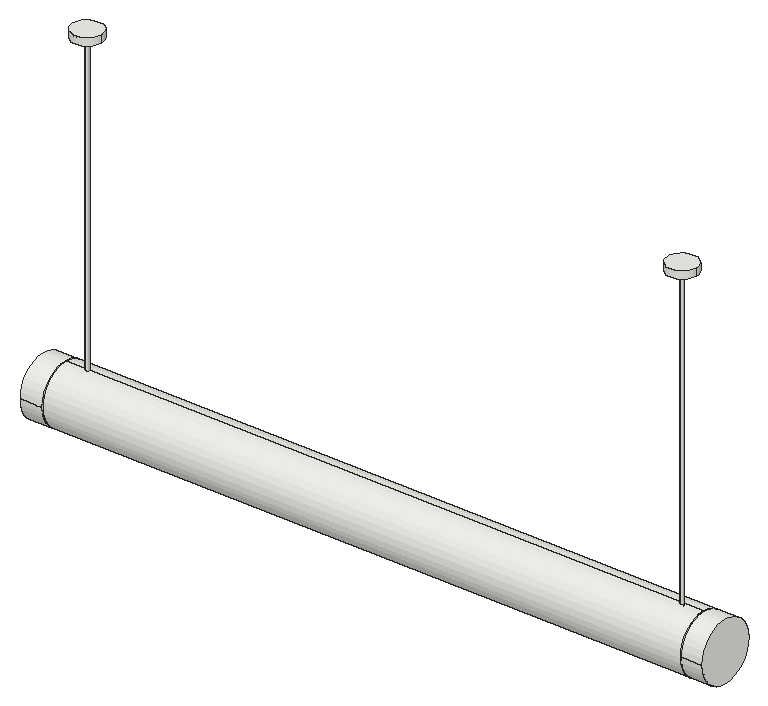
Revit family
Parameters (values of type "1200mm")
  Wattage = 16.1571 W
  built-in parameter 1150110 = 1 (stored number, unit not read)
  built-in parameter 1114217 = 1 (stored number, unit not read)
  built-in parameter 1150109 = 1 (stored number, unit not read)
  built-in parameter 1150134 = 3
  built-in parameter 1150113 = 1 (stored number, unit not read)
  built-in parameter 1150105 = 190.99 (stored number, unit not read)
  built-in parameter 1150115 = 1 (stored number, unit not read)
  Light Source Symbol Size = 609.6 mm
  built-in parameter 1150137 = (empty or 0)
  built-in parameter 1150139 = (empty or 0)
  built-in parameter 1150112 = 1 (stored number, unit not read)
  built-in parameter 1150114 = 1 (stored number, unit not read)
  Keynote = "V"
  Material Ceiling Mount = Metal - Paint Finish - Ivory, Glossy
  Material Diffuser = Glass - White, High Luminance
  Length = 1200 mm
  Material Light Casing = Metal - Paint Finish - Ivory, Glossy
  Light Fixture Height = 1800 mm
  Lumens = 2400 lm
  built-in parameter 1150132 = 2
  built-in parameter 1150102 = (empty or 0)
  built-in parameter 1150107 = 3200 (stored number, unit not read)
  built-in parameter 1150138 = (empty or 0)
  built-in parameter 1150106 = 1.9099 (stored number, unit not read)
  Emit from Line Length = 1047.6 mm
  built-in parameter 1150104 = 13.8 (stored number, unit not read)
  Dimming Lamp Color Temperature Shift = (empty or 0)
  Color Filter = 16777215
  built-in parameter 1114218 = 1 (stored number, unit not read)
  built-in parameter 1150133 = 10 (stored number, unit not read)
Types (3, lengths in mm): name | Length
  (no name) | 1200
  1200mm | 1200
  2400mm | 2400
Reference planes
  plane 1 "Light Source Axis": y = 0
  plane 2 "Ceiling": z = 2425.7
  plane 3 "Light Source Axis": x = 0
  plane 4 "Light Source Elevation": z = 1825.4
  plane 5: x = -600
  plane 6: x = 600
  plane 7: x = -523.8
  plane 8: x = 523.8
  plane 9: x = -523.888
  plane 10: x = 523.8
  plane 11: z = 2438.4
  plane 12: z = 1800
  plane 13: z = 1901.6
  plane 14: z = 1850.8
  plane 15: x = -561.9
  plane 16: x = 562.108
  plane 17: z = 1812.7
Forms (mm)
  Extrusion 1, solid, material "Metal - Paint Finish - Ivory, Glossy" <- "Material Ceiling Mount"
    sketch origin (0, 0, 1825.4) x (0, -1, 0) y (1, 0, 0)
      loop
        circle (0, -523.8) r 3.175
      loop
        circle (0, 523.8) r 3.175
    from 63.5 to 600.3
  Extrusion 2, solid, material "Metal - Paint Finish - Ivory, Glossy" <- "Material Ceiling Mount"
    sketch origin (0, 0, 0) x (1, 0, 0) y (0, 1, 0)
      loop
        circle (-523.888, 0) r 25.4
      loop
        circle (523.8, 0) r 25.4
    from 2438.4 to 2425.7
  Extrusion 3, solid, material "Metal - Paint Finish - Ivory, Glossy" <- "Material Light Casing"
    sketch origin (0, 0, 0) x (0, 1, 0) y (0, 0, 1)
      loop
        arc (0, 1901.6) -> (-49.069, 1863.948) -> (-25.4, 1806.806) r 50.8
        line (-25.4, 1806.806) -> (-25.4, 1838.1) -> (25.4, 1838.1) -> (25.4, 1806.806)
        arc (25.4, 1806.806) -> (49.069, 1863.948) -> (0, 1901.6) r 50.8
    from -561.9 to 562.108
  Extrusion 4, solid, material "Metal - Paint Finish - Ivory, Glossy" <- "Material Light Casing"
    sketch origin (-561.9, 0, 0) x (0, -1, 0) y (0, 0, 1)
      loop
        circle (1.117, 1850.8) r 50.812
    from 0 to 38.1
  Extrusion 5, solid, material "Metal - Paint Finish - Ivory, Glossy" <- "Material Light Casing"
    sketch origin (562.108, 0, 0) x (0, 1, 0) y (0, 0, 1)
      loop
        circle (0, 1850.8) r 50.8
    from 0 to 37.892
  Extrusion 6, solid, material "Glass - White, High Luminance" <- "Material Diffuser"
    sketch origin (0, 0, 0) x (1, 0, 0) y (0, 1, 0)
      loop
        line (-561.9, 25.4) -> (-561.9, -25.4) -> (562.108, -25.4) -> (562.108, 25.4) -> (-561.9, 25.4)
    from 1812.7 to 1825.4
Lines and regions (mm)
  sketch lines
    curve 1: line (-1524, 1524, 0) -> (1524, 1524, 0)
    curve 2: line (-1524, 1524, 0) -> (-1524, -1524, 0)
    curve 3: line (-1524, -1524, 0) -> (1524, -1524, 0)
    curve 4: line (1524, 1524, 0) -> (1524, -1524, 0)
  symbolic lines
    curve 5: line (600, 63.5, 2425.7) -> (-600, 63.5, 2425.7)
    curve 6: line (600, -63.5, 2425.7) -> (600, 63.5, 2425.7)
    curve 7: line (-600, -63.5, 2425.7) -> (600, -63.5, 2425.7)
    curve 8: line (-600, 63.5, 2425.7) -> (-600, -63.5, 2425.7)
    curve 9: arc (-498.488, 0, 2425.7) -> (-523.888, 25.4, 2425.7) -> (-549.288, 0, 2425.7) r 25.4
    curve 10: arc (-549.288, 0, 2425.7) -> (-523.888, -25.4, 2425.7) -> (-498.488, 0, 2425.7) r 25.4
    curve 11: arc (498.4, 0, 2425.7) -> (523.8, -25.4, 2425.7) -> (549.2, 0, 2425.7) r 25.4
    curve 12: arc (549.2, 0, 2425.7) -> (523.8, 25.4, 2425.7) -> (498.4, 0, 2425.7) r 25.4
Dimensions and locks
  equal spacing: curve 2, plane 3 "Light Source Axis", curve 4
  equal spacing: curve 3, plane 1 "Light Source Axis", curve 1
  curve 2 to curve 4 = 3048 mm
  curve 3 to curve 1 = 3048 mm
  "Length": plane 5 to plane 6
  equal spacing: plane 5, plane 3 "Light Source Axis", plane 6
  locked: plane 5 to plane 7 at 76.2
  locked: plane 8 to plane 6 at 76.2
  locked: plane 5 to plane 9 at 76.112
  locked: plane 10 to plane 6 at 76.2
  "Light Fixture Height": level to plane 12
  plane 12 to plane 4 "Light Source Elevation" = 25.4 mm
  plane 12 to plane 13 = 101.6 mm
  equal spacing: plane 12, plane 14, plane 13
  locked: plane 5 to plane 15 at 38.1
  locked: plane 16 to plane 6 at 37.892
  locked: plane 11 to plane 2 "Ceiling" at 12.7
  locked: plane 4 "Light Source Elevation" to Extrusion 3 sketch curve at 12.7
  plane 17 to plane 4 "Light Source Elevation" = 12.7 mm
  aligned and locked: plane 2 "Ceiling" to Extrusion 1
  aligned and locked: plane 2 "Ceiling" to Extrusion 2
  aligned and locked: plane 11 to Extrusion 2
  aligned and locked: plane 5 to curve 8
  aligned and locked: curve 9 to Extrusion 2
  aligned and locked: curve 11 to Extrusion 2
  aligned and locked: Extrusion 3 to plane 16
  aligned and locked: plane 15 to Extrusion 3
  aligned and locked: plane 5 to Extrusion 4
  aligned and locked: Extrusion 5 to plane 6
  aligned and locked: Extrusion 3 to Extrusion 6 sketch curve
  aligned and locked: Extrusion 6 sketch curve to Extrusion 3  (x3)
  aligned and locked: Extrusion 6 to plane 4 "Light Source Elevation"
  aligned and locked: Extrusion 6 to plane 17
  aligned and locked: plane 3 "Light Source Axis" to imposter light
  aligned and locked: plane 1 "Light Source Axis" to imposter light
  aligned and locked: plane 4 "Light Source Elevation" to imposter light
Automatic sketch dimensions
  Extrusion 1 sketch curve to plane 8 = 0 mm
  Extrusion 1 sketch curve to plane 7 = 0 mm
  Extrusion 1 sketch curve to plane 1 "Light Source Axis" = 0 mm  (x2)
  Extrusion 1 sketch curve to plane 1 "Light Source Axis" = 3.175 mm  (x2)
  Extrusion 2 sketch curve to plane 1 "Light Source Axis" = 0 mm  (x2)
  Extrusion 2 sketch curve to plane 9 = 0 mm
  Extrusion 2 sketch curve to plane 10 = 0 mm
  Extrusion 2 sketch curve to plane 9 = 25.4 mm
  Extrusion 2 sketch curve to plane 10 = 25.4 mm
  curve 6 to plane 6 = 0 mm
  plane 1 "Light Source Axis" to curve 7 = 63.5 mm
  curve 5 to plane 1 "Light Source Axis" = 63.5 mm
  Extrusion 3 sketch curve to plane 1 "Light Source Axis" = 0 mm
  Extrusion 3 sketch curve to plane 14 = 0 mm  (x2)
  plane 1 "Light Source Axis" to Extrusion 3 sketch curve = 25.4 mm
  Extrusion 3 sketch curve to plane 1 "Light Source Axis" = 25.4 mm
  Extrusion 3 sketch curve to plane 13 = 0 mm
  Extrusion 4 sketch curve to plane 14 = 0 mm
  Extrusion 4 sketch curve to plane 1 "Light Source Axis" = 49.696 mm
  plane 1 "Light Source Axis" to Extrusion 4 sketch curve = 1.117 mm
  Extrusion 5 sketch curve to plane 14 = 0 mm
  Extrusion 5 sketch curve to plane 1 "Light Source Axis" = 0 mm
  plane 1 "Light Source Axis" to Extrusion 5 sketch curve = 50.8 mm
